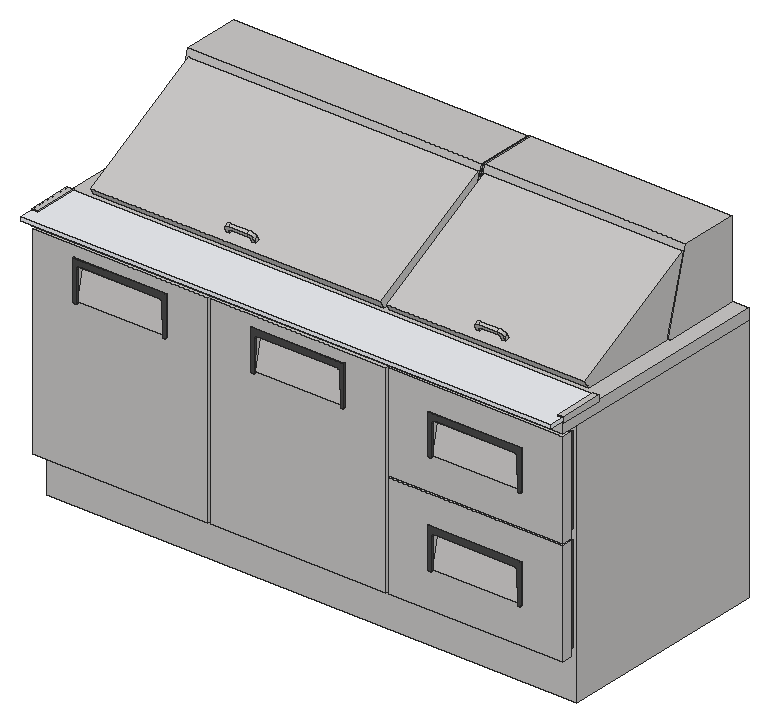
Revit family "QF_TRUE_TFP-72-30M-D-2", category Specialty Equipment, Revit 2012
Parameters
  Weight in Pounds = 0
  Watts = 0 W
  Volts = 115 V
  URL Cutsheet = "www.truemfg.com"
  URL = "www.truemfg.com"
  Type Mark [instance] = ""
  Status [instance] = ""
  Specification by User [instance] = ""
  Specification by Manufacturer = ""
  Show Clearance [instance] = yes
  Serial Number = ""
  Seismic Rating = ""
  SMACNA No = ""
  Revision Code [instance] = ""
  Phase = 1
  Omniclass Number and Title = ""
  Number of Poles [instance] = 1
  NAFEM Spec ID Number = ""
  Model = "TFP-72-30M-D-2"
  Min Ckt Ampacity = 0 A
  Max Overcurrent Protection = 0 A
  Masterspec = ""
  Manufacturer = "TRUE"
  Item Number [instance] = ""
  Installed By [instance] = ""
  Identify Quantity as Lot [instance] = yes
  HP = "1/3"
  Furnished By [instance] = ""
  Foodservice Equipment Identifier [instance] = yes
  FL Amps = 5.1 A
  Electrical Remarks [instance] = ""
  Electric Connection Type [instance] = ""
  Elec Conn RI Height [instance] = 0"
  Elec Conn Connection Height [instance] = 0"
  Description = "FOOD PREP TABLE: DOOR AND DRAWERED FOOD PREP UNIT"
  Cycle = 60 Hz
  Conn Plug = "NEMA 5-15P"
  Conn Conduit = yes
  CSI MasterFormat = ""
  CSI Master Format = ""
  Apparent Power = if(Phase = 3, Volts * FL Amps * 1.73, Volts * FL Amps)  # 586.5 VA
Reference planes (in)
  plane 1 "BACK": y = 0
  plane 2: z = 0
  plane 3 "LEFT": x = 0
  plane 4 "RIGHT": x = 72.125
  plane 5 "FRONT": y = -33.53125
  plane 6 "TOP": z = 46.5
  plane 7 "Center Y": x = 36.0625
  plane 8 "Center X": y = -16.76562
  plane 9 "BASE": z = 0.75
  plane 10: z = 36
  plane 11: y = -31.5
  plane 12: y = -10.6875
  plane 13: y = -7.84375
  plane 14: x = 69.92188
  plane 15: x = 2.20313
  plane 16: z = 27.18596
  plane 17: z = 36.51375
  plane 18: y = -55.875
  plane 19: x = 42.42188
  plane 20: x = 42.17188
  plane 21: x = 3.9375
  plane 22: x = 48.25
  plane 23: x = 60.23438
  plane 24: y = -53.96875
Forms (in)
  Extrusion 1, solid, material "QF_Finishes_Stainless Steel"
    sketch origin (0, 0, 0) x (0, 1, 0) y (0, 0, 1)
      loop
        line (0, 0.75) -> (0, 34.46) -> (-29.085, 34.46) -> (-29.085, 0.75) -> (0, 0.75)
      loop
        line (0, 36) -> (-31.5, 36) -> (-31.5, 34.5) -> (0, 34.5) -> (0, 36)
    from 0 to 72.125
  Extrusion 2, solid, material "QF_Finishes_Stainless Steel"
    sketch origin (0, -29.085, 0.75) x (0, 0, 1) y (-1, 0, 0)
      loop
        line (33.42, -48.40625) -> (20.38651, -48.40625) -> (20.38651, -72.0625) -> (33.42, -72.0625) -> (33.42, -48.40625)
      loop
        line (20.13651, -48.40625) -> (5.9891, -48.40625) -> (5.9891, -72.0625) -> (20.13651, -72.0625) -> (20.13651, -48.40625)
      loop
        line (5.9891, -48.09375) -> (33.42, -48.09375) -> (33.42, -24.23438) -> (5.9891, -24.23438) -> (5.9891, -48.09375)
      loop
        line (33.42, -0.0625) -> (5.9891, -0.0625) -> (5.9891, -23.92188) -> (33.42, -23.92188) -> (33.42, -0.0625)
    from 1 to 2.415
  Extrusion 3, solid, material "QF_Finishes_Black"
    sketch origin (0, -29.085, 0.75) x (0, 0, 1) y (-1, 0, 0)
      loop
        line (32.92, -0.5625) -> (6.4891, -0.5625) -> (6.4891, -23.42188) -> (32.92, -23.42188) -> (32.92, -0.5625)
      loop
        line (32.92, -48.90625) -> (20.88651, -48.90625) -> (20.88651, -71.5625) -> (32.92, -71.5625) -> (32.92, -48.90625)
      loop
        line (19.63651, -48.90625) -> (6.4891, -48.90625) -> (6.4891, -71.5625) -> (19.63651, -71.5625) -> (19.63651, -48.90625)
      loop
        line (32.92, -24.73438) -> (6.4891, -24.73438) -> (6.4891, -47.59375) -> (32.92, -47.59375) -> (32.92, -24.73438)
    from 0 to 1
  Extrusion 4, solid, material "QF_Finishes_Black"
    sketch origin (0, -31.5, 0.75) x (0, 0, 1) y (-1, 0, 0)
      loop
        line (30.13376, -53.88571) -> (24.79951, -53.88571)
        spline (24.79951, -53.88571) -> (24.7729, -53.89331) -> (24.74738, -53.90382) -> (24.72325, -53.91709) -> (24.7008, -53.93298) -> (24.68031, -53.9513) -> (24.66202, -53.97181) -> (24.64615, -53.99427) -> (24.6329, -54.01842) -> (24.62242, -54.04395) -> (24.61485, -54.07057) -> (24.61027, -54.09794) -> (24.60873, -54.12574)
        line (24.60873, -54.12574) -> (24.60873, -54.29107)
        spline (24.60873, -54.29107) -> (24.6095, -54.30269) -> (24.61178, -54.31412) -> (24.61554, -54.32516) -> (24.62072, -54.33563) -> (24.62722, -54.34536) -> (24.63495, -54.35418) -> (24.64376, -54.36194) -> (24.65352, -54.36852) -> (24.66406, -54.3738) -> (24.67521, -54.3777) -> (24.68677, -54.38015) -> (24.69855, -54.38111)
        line (24.69855, -54.38111) -> (28.92773, -54.45508)
        arc (28.92773, -54.45508) -> (29.1666, -54.55807) -> (29.26499, -54.79887) r 0.34385
        line (29.26499, -54.79887) -> (29.26499, -65.66988)
        arc (29.26499, -65.66988) -> (29.1666, -65.91068) -> (28.92773, -66.01367) r 0.34385
        line (28.92773, -66.01367) -> (24.69855, -66.08765)
        spline (24.69855, -66.08765) -> (24.68677, -66.08861) -> (24.67521, -66.09106) -> (24.66406, -66.09495) -> (24.65352, -66.10024) -> (24.64376, -66.10681) -> (24.63495, -66.11458) -> (24.62722, -66.1234) -> (24.62072, -66.13312) -> (24.61554, -66.14359) -> (24.61178, -66.15464) -> (24.6095, -66.16606) -> (24.60873, -66.17768)
        line (24.60873, -66.17768) -> (24.60873, -66.34301)
        spline (24.60873, -66.34301) -> (24.61027, -66.37082) -> (24.61485, -66.39819) -> (24.62242, -66.4248) -> (24.6329, -66.45034) -> (24.64615, -66.47448) -> (24.66202, -66.49695) -> (24.68031, -66.51746) -> (24.7008, -66.53577) -> (24.72325, -66.55166) -> (24.74738, -66.56494) -> (24.7729, -66.57544) -> (24.79951, -66.58304)
        line (24.79951, -66.58304) -> (30.13376, -66.58304) -> (30.13376, -53.88571)
      loop
        line (16.29154, -53.88571) -> (10.95729, -53.88571)
        spline (10.95729, -53.88571) -> (10.93068, -53.89331) -> (10.90516, -53.90382) -> (10.88103, -53.91709) -> (10.85858, -53.93298) -> (10.83809, -53.9513) -> (10.8198, -53.97181) -> (10.80393, -53.99427) -> (10.79068, -54.01842) -> (10.78021, -54.04395) -> (10.77263, -54.07057) -> (10.76805, -54.09794) -> (10.76651, -54.12574)
        line (10.76651, -54.12574) -> (10.76651, -54.29107)
        spline (10.76651, -54.29107) -> (10.76728, -54.30269) -> (10.76956, -54.31412) -> (10.77332, -54.32516) -> (10.7785, -54.33563) -> (10.785, -54.34536) -> (10.79273, -54.35418) -> (10.80155, -54.36194) -> (10.81131, -54.36852) -> (10.82184, -54.3738) -> (10.83299, -54.3777) -> (10.84455, -54.38015) -> (10.85633, -54.38111)
        line (10.85633, -54.38111) -> (15.08551, -54.45508)
        arc (15.08551, -54.45508) -> (15.32438, -54.55807) -> (15.42277, -54.79887) r 0.34385
        line (15.42277, -54.79887) -> (15.42277, -65.66988)
        arc (15.42277, -65.66988) -> (15.32438, -65.91068) -> (15.08551, -66.01367) r 0.34385
        line (15.08551, -66.01367) -> (10.85633, -66.08765)
        spline (10.85633, -66.08765) -> (10.84455, -66.08861) -> (10.83299, -66.09106) -> (10.82184, -66.09495) -> (10.81131, -66.10024) -> (10.80155, -66.10681) -> (10.79273, -66.11458) -> (10.785, -66.1234) -> (10.7785, -66.13312) -> (10.77332, -66.14359) -> (10.76956, -66.15464) -> (10.76728, -66.16606) -> (10.76651, -66.17768)
        line (10.76651, -66.17768) -> (10.76651, -66.34301)
        spline (10.76651, -66.34301) -> (10.76805, -66.37082) -> (10.77263, -66.39819) -> (10.78021, -66.4248) -> (10.79068, -66.45034) -> (10.80393, -66.47448) -> (10.8198, -66.49695) -> (10.83809, -66.51746) -> (10.85858, -66.53577) -> (10.88103, -66.55166) -> (10.90516, -66.56494) -> (10.93068, -66.57544) -> (10.95729, -66.58304)
        line (10.95729, -66.58304) -> (16.29154, -66.58304) -> (16.29154, -53.88571)
      loop
        line (31.96099, -5.64352) -> (26.62674, -5.64352)
        spline (26.62674, -5.64352) -> (26.60013, -5.65113) -> (26.57461, -5.66163) -> (26.55048, -5.67491) -> (26.52803, -5.6908) -> (26.50754, -5.70911) -> (26.48925, -5.72962) -> (26.47338, -5.75208) -> (26.46013, -5.77623) -> (26.44966, -5.80176) -> (26.44208, -5.82838) -> (26.4375, -5.85575) -> (26.43596, -5.88355)
        line (26.43596, -5.88355) -> (26.43596, -6.04888)
        spline (26.43596, -6.04888) -> (26.43673, -6.0605) -> (26.43901, -6.07193) -> (26.44277, -6.08297) -> (26.44795, -6.09344) -> (26.45445, -6.10317) -> (26.46218, -6.11199) -> (26.471, -6.11975) -> (26.48075, -6.12633) -> (26.49129, -6.13161) -> (26.50244, -6.13551) -> (26.514, -6.13796) -> (26.52578, -6.13892)
        line (26.52578, -6.13892) -> (30.75496, -6.2129)
        arc (30.75496, -6.2129) -> (30.99383, -6.31588) -> (31.09222, -6.55668) r 0.34385
        line (31.09222, -6.55668) -> (31.09222, -17.4277)
        arc (31.09222, -17.4277) -> (30.99383, -17.66849) -> (30.75496, -17.77148) r 0.34385
        line (30.75496, -17.77148) -> (26.52578, -17.84546)
        spline (26.52578, -17.84546) -> (26.514, -17.84642) -> (26.50244, -17.84887) -> (26.49129, -17.85277) -> (26.48075, -17.85805) -> (26.471, -17.86463) -> (26.46218, -17.87239) -> (26.45445, -17.88121) -> (26.44795, -17.89093) -> (26.44277, -17.90141) -> (26.43901, -17.91245) -> (26.43673, -17.92387) -> (26.43596, -17.93549)
        line (26.43596, -17.93549) -> (26.43596, -18.10082)
        spline (26.43596, -18.10082) -> (26.4375, -18.12863) -> (26.44208, -18.156) -> (26.44966, -18.18262) -> (26.46013, -18.20815) -> (26.47338, -18.23229) -> (26.48925, -18.25476) -> (26.50754, -18.27527) -> (26.52803, -18.29358) -> (26.55048, -18.30947) -> (26.57461, -18.32275) -> (26.60013, -18.33325) -> (26.62674, -18.34085)
        line (26.62674, -18.34085) -> (31.96099, -18.34085) -> (31.96099, -5.64352)
      loop
        line (31.96099, -29.8154) -> (26.62674, -29.8154)
        spline (26.62674, -29.8154) -> (26.60013, -29.823) -> (26.57461, -29.8335) -> (26.55048, -29.84678) -> (26.52803, -29.86267) -> (26.50754, -29.88098) -> (26.48925, -29.9015) -> (26.47338, -29.92396) -> (26.46013, -29.9481) -> (26.44966, -29.97364) -> (26.44208, -30.00025) -> (26.4375, -30.02763) -> (26.43596, -30.05543)
        line (26.43596, -30.05543) -> (26.43596, -30.22076)
        spline (26.43596, -30.22076) -> (26.43673, -30.23238) -> (26.43901, -30.24381) -> (26.44277, -30.25485) -> (26.44795, -30.26532) -> (26.45445, -30.27505) -> (26.46218, -30.28386) -> (26.471, -30.29163) -> (26.48075, -30.2982) -> (26.49129, -30.30349) -> (26.50244, -30.30739) -> (26.514, -30.30983) -> (26.52578, -30.31079)
        line (26.52578, -30.31079) -> (30.75496, -30.38477)
        arc (30.75496, -30.38477) -> (30.99383, -30.48776) -> (31.09222, -30.72856) r 0.34385
        line (31.09222, -30.72856) -> (31.09222, -41.59957)
        arc (31.09222, -41.59957) -> (30.99383, -41.84037) -> (30.75496, -41.94336) r 0.34385
        line (30.75496, -41.94336) -> (26.52578, -42.01733)
        spline (26.52578, -42.01733) -> (26.514, -42.01829) -> (26.50244, -42.02074) -> (26.49129, -42.02464) -> (26.48075, -42.02992) -> (26.471, -42.0365) -> (26.46218, -42.04426) -> (26.45445, -42.05308) -> (26.44795, -42.06281) -> (26.44277, -42.07328) -> (26.43901, -42.08432) -> (26.43673, -42.09575) -> (26.43596, -42.10737)
        line (26.43596, -42.10737) -> (26.43596, -42.2727)
        spline (26.43596, -42.2727) -> (26.4375, -42.3005) -> (26.44208, -42.32788) -> (26.44966, -42.35449) -> (26.46013, -42.38002) -> (26.47338, -42.40417) -> (26.48925, -42.42663) -> (26.50754, -42.44714) -> (26.52803, -42.46546) -> (26.55048, -42.48135) -> (26.57461, -42.49462) -> (26.60013, -42.50513) -> (26.62674, -42.51273)
        line (26.62674, -42.51273) -> (31.96099, -42.51273) -> (31.96099, -29.8154)
    from 0 to 0.125
  Extrusion 5, void
    sketch origin (0, 0, 0) x (0, 1, 0) y (0, 0, 1)
      loop
        line (-31.5, 31.84222) -> (-31.5, 27.37674) -> (-30.5, 31.84222) -> (-31.5, 31.84222)
    from 6.09501 to 17.87859
  Extrusion 6, void
    sketch origin (0, 0, -15.66945) x (0, 1, 0) y (0, 0, 1)
      loop
        line (-31.5, 31.84222) -> (-31.5, 27.37674) -> (-30.5, 31.84222) -> (-31.5, 31.84222)
      loop
        line (-31.5, 45.68444) -> (-31.5, 41.21896) -> (-30.5, 45.68444) -> (-31.5, 45.68444)
    from 54.33236 to 66.15598
  Extrusion 7, solid, material "QF_Finishes_Stainless Steel"
    sketch origin (2.20313, 7.41441, 48) x (0, 1, 0) y (0, 0, -1)
      loop
        line (-15.20428, 1.5) -> (-7.41441, 1.5) -> (-7.41441, 12) -> (-17.88334, 12)
        arc (-17.88334, 12) -> (-18.083, 11.90045) -> (-18.12366, 11.68109) r 0.25
        line (-18.12366, 11.68109) -> (-15.20428, 1.5)
    from 0 to -39.96875
  Extrusion 8, solid, material "QF_Finishes_Stainless Steel"
    sketch origin (2.20313, 7.41441, 48) x (0, 1, 0) y (0, 0, -1)
      loop
        line (-32.04884, 11.07186) -> (-15.44857, 2.35196) -> (-18.12366, 11.68109)
        arc (-18.12366, 11.68109) -> (-18.083, 11.90045) -> (-17.88334, 12) r 0.25
        line (-17.88334, 12) -> (-31.51878, 12) -> (-32.04884, 11.07186)
    from -39.71875 to -0.25
  Extrusion 9, solid, material "QF_Finishes_Stainless Steel"
    sketch origin (-4.00862, -31.5, 48) x (-1, 0, 0) y (0, 0, 1)
      loop
        line (-75.43327, -11.48625) -> (-75.43327, -11.39262) -> (-76.19562, -11.39262) -> (-76.19562, -12.13881) -> (-76.13362, -12.13881) -> (-76.13362, -11.48625) -> (-75.43327, -11.48625)
      loop
        line (-4.80067, -11.48625) -> (-4.00862, -11.48625) -> (-4.00862, -12.13881) -> (-3.94662, -12.13881) -> (-3.94662, -11.39262) -> (-4.80067, -11.39262) -> (-4.80067, -11.48625)
    from 0 to 6
  Extrusion 10, solid, material "QF_Finishes_White"
    sketch origin (0, 0, 0) x (0, 1, 0) y (0, 0, 1)
      loop
        line (-33.53125, 36) -> (-25.5, 36) -> (-25.5, 36.51375) -> (-33.53125, 36.51375) -> (-33.53125, 36)
    from 0 to 72.125
  Extrusion 11, solid, material "QF_Door-Drawer Clearances", visible <- "Show Clearance", detail levels coarse
    sketch origin (0, -31.5, 0.75) x (0, 0, 1) y (-1, 0, 0)
      loop
        line (33.42, -48.40625) -> (5.9891, -48.40625) -> (5.9891, -72.0625) -> (33.42, -72.0625) -> (33.42, -48.40625)
    from 0 to 24.375
  Extrusion 12, solid, material "QF_Door-Drawer Clearances", visible <- "Show Clearance", detail levels coarse
    sketch origin (39.90625, -29.085, 6.7391) x (0, 1, 0) y (1, 0, 0)
      loop
        line (-2.415, -39.84375) -> (-2.415, -15.98437)
        arc (-2.415, -15.98437) -> (-18.3747, -23.46415) -> (-24.88375, -39.84375) r 23.93075
        line (-24.88375, -39.84375) -> (-2.415, -39.84375)
      loop
        line (-2.415, -15.67187) -> (-2.415, 8.1875)
        arc (-2.415, 8.1875) -> (-18.3747, 0.70772) -> (-24.88375, -15.67187) r 23.93075
        line (-24.88375, -15.67187) -> (-2.415, -15.67187)
    from -27.4309 to 0
  Extrusion 13, solid, material "QF_Finishes_Stainless Steel"
    sketch origin (0, 0, 1) x (0, 0, -1) y (-1, 0, 0)
      loop
        circle (-3.28427, -68.27646) r 0.5
    from 0 to 0.25
  Extrusion 14, solid, material "QF_Finishes_Stainless Steel"
    sketch origin (61.875, 7.41441, 48) x (0, 1, 0) y (0, 0, 1)
      loop
        line (-15.20428, -1.5) -> (-18.12366, -11.68109)
        arc (-18.12366, -11.68109) -> (-18.083, -11.90045) -> (-17.88334, -12) r 0.25
        line (-17.88334, -12) -> (-7.41441, -12) -> (-7.41441, -1.5) -> (-15.20428, -1.5)
    from 8.04688 to -19.45312
  Extrusion 15, solid, material "QF_Finishes_Stainless Steel"
    sketch origin (61.875, 7.41441, 48) x (0, 1, 0) y (0, 0, 1)
      loop
        line (-32.04884, -11.07186) -> (-31.51878, -12) -> (-17.88334, -12)
        arc (-17.88334, -12) -> (-18.083, -11.90045) -> (-18.12366, -11.68109) r 0.25
        line (-18.12366, -11.68109) -> (-15.44857, -2.35196) -> (-32.04884, -11.07186)
    from -19.20312 to 7.79688
  Extrusion 16, solid, material "QF_Finishes_Stainless Steel"
    sketch origin (42.17188, 5.02547, 48) x (0, 1, 0) y (0, 0, 1)
      loop
        line (-12.81534, -1.5) -> (-15.73472, -11.68109)
        arc (-15.73472, -11.68109) -> (-15.69407, -11.90045) -> (-15.49441, -12) r 0.25
        line (-15.49441, -12) -> (-5.02547, -12) -> (-5.02547, -1.5) -> (-12.81534, -1.5)
    from 0 to 0.25
  Extrusion 17, solid, material "QF_Finishes_Black"
    sketch origin (-0.08352, 0, 0) x (0, 1, 0) y (0, 0, 1)
      loop
        arc (-25.55411, 0.75) -> (-24.36826, 0) -> (-23.1824, 0.75) r 1.3125
        line (-23.1824, 0.75) -> (-25.55411, 0.75)
      loop
        line (-1.30815, 0.75) -> (-3.67985, 0.75)
        arc (-3.67985, 0.75) -> (-2.494, 0) -> (-1.30815, 0.75) r 1.3125
    from 3.15902 to 4.88302
  Extrusion 18, solid, material "QF_Finishes_Black"
    sketch origin (28.35398, 0, 0) x (0, 1, 0) y (0, 0, 1)
      loop
        arc (-25.55411, 0.75) -> (-24.36826, 0) -> (-23.1824, 0.75) r 1.3125
        line (-23.1824, 0.75) -> (-25.55411, 0.75)
      loop
        line (-1.30815, 0.75) -> (-3.67985, 0.75)
        arc (-3.67985, 0.75) -> (-2.494, 0) -> (-1.30815, 0.75) r 1.3125
    from 3.15902 to 4.88302
  Extrusion 19, solid, material "QF_Finishes_Black"
    sketch origin (72.20852, 0, 0) x (0, 1, 0) y (0, 0, -1)
      loop
        line (-25.55411, -0.75) -> (-23.1824, -0.75)
        arc (-23.1824, -0.75) -> (-24.36826, 0) -> (-25.55411, -0.75) r 1.3125
      loop
        arc (-1.30815, -0.75) -> (-2.494, 0) -> (-3.67985, -0.75) r 1.3125
        line (-3.67985, -0.75) -> (-1.30815, -0.75)
    from 3.15902 to 4.88302
  Extrusion 20, solid, material "QF_Finishes_Black"
    sketch origin (43.77102, 0, 0) x (0, 1, 0) y (0, 0, -1)
      loop
        line (-25.55411, -0.75) -> (-23.1824, -0.75)
        arc (-23.1824, -0.75) -> (-24.36826, 0) -> (-25.55411, -0.75) r 1.3125
      loop
        arc (-1.30815, -0.75) -> (-2.494, 0) -> (-3.67985, -0.75) r 1.3125
        line (-3.67985, -0.75) -> (-1.30815, -0.75)
    from 3.15902 to 4.88302
  Extrusion 21, solid, material "QF_Finishes_Stainless Steel"
    sketch origin (20.10937, -2.20491, -2.8829) x (0, -0.461189, 0.887302) y (-1, 0, 0)
      loop
        line (47, -37.3125) -> (47, -34.8125)
        arc (47, -34.8125) -> (46.78033, -34.28217) -> (46.25, -34.0625) r 0.75
        line (46.25, -34.0625) -> (45.75, -34.0625) -> (45.75, -34.5625) -> (46.25, -34.5625)
        arc (46.25, -34.5625) -> (46.42678, -34.63572) -> (46.5, -34.8125) r 0.25
        line (46.5, -34.8125) -> (46.5, -37.3125)
        arc (46.5, -37.3125) -> (46.42678, -37.48928) -> (46.25, -37.5625) r 0.25
        line (46.25, -37.5625) -> (45.75, -37.5625) -> (45.75, -38.0625) -> (46.25, -38.0625)
        arc (46.25, -38.0625) -> (46.78033, -37.84283) -> (47, -37.3125) r 0.75
    from 0 to 0.5
  Extrusion 22, solid, material "QF_Finishes_Stainless Steel"
    sketch origin (50.25, -2.20491, -2.8829) x (0, -0.461189, 0.887302) y (-1, 0, 0)
      loop
        arc (47, 29.3125) -> (46.78033, 29.84283) -> (46.25, 30.0625) r 0.75
        line (46.25, 30.0625) -> (45.75, 30.0625) -> (45.75, 29.5625) -> (46.25, 29.5625)
        arc (46.25, 29.5625) -> (46.42678, 29.48928) -> (46.5, 29.3125) r 0.25
        line (46.5, 29.3125) -> (46.5, 26.8125)
        arc (46.5, 26.8125) -> (46.42678, 26.63572) -> (46.25, 26.5625) r 0.25
        line (46.25, 26.5625) -> (45.75, 26.5625) -> (45.75, 26.0625) -> (46.25, 26.0625)
        arc (46.25, 26.0625) -> (46.78033, 26.28217) -> (47, 26.8125) r 0.75
        line (47, 26.8125) -> (47, 29.3125)
    from 0 to 0.5
  Extrusion 23, void
    sketch origin (24.0757, 0, 0) x (0, 1, 0) y (0, 0, 1)
      loop
        line (-31.5, 31.84222) -> (-31.5, 27.37674) -> (-30.5, 31.84222) -> (-31.5, 31.84222)
    from 6.20324 to 17.9868
Cuts and joins
  Extrusion 5, Extrusion 6, Extrusion 23 cuts Extrusion 2
  Extrusion 6, Extrusion 23 cuts Extrusion 4
  Extrusion 23 cuts Extrusion 12
Lines and regions (in)
  Split face 1
    outline origin (0, -29.085, 0.75) x (0, 0, 1) y (-1, 0, 0)
      loop
        line (5.72413, -1.9375) -> (1.47413, -1.9375) -> (1.47413, -3.1875) -> (5.72413, -3.1875) -> (5.72413, -1.9375)
  Split face 2
    outline origin (1.5, -29.085, 0.75) x (0, 0, 1) y (-1, 0, 0)
      loop
        line (5.72413, -1.9375) -> (1.47413, -1.9375) -> (1.47413, -3.1875) -> (5.72413, -3.1875) -> (5.72413, -1.9375)
  Split face 3
    outline origin (3, -29.085, 0.75) x (0, 0, 1) y (-1, 0, 0)
      loop
        line (5.72413, -1.9375) -> (1.47413, -1.9375) -> (1.47413, -3.1875) -> (5.72413, -3.1875) -> (5.72413, -1.9375)
  Split face 4
    outline origin (4.5, -29.085, 0.75) x (0, 0, 1) y (-1, 0, 0)
      loop
        line (5.72413, -1.9375) -> (1.47413, -1.9375) -> (1.47413, -3.1875) -> (5.72413, -3.1875) -> (5.72413, -1.9375)
  Split face 5
    outline origin (6, -29.085, 0.75) x (0, 0, 1) y (-1, 0, 0)
      loop
        line (5.72413, -1.9375) -> (1.47413, -1.9375) -> (1.47413, -3.1875) -> (5.72413, -3.1875) -> (5.72413, -1.9375)
  Split face 6
    outline origin (7.5, -29.085, 0.75) x (0, 0, 1) y (-1, 0, 0)
      loop
        line (5.72413, -1.9375) -> (1.47413, -1.9375) -> (1.47413, -3.1875) -> (5.72413, -3.1875) -> (5.72413, -1.9375)
  Split face 7
    outline origin (9, -29.085, 0.75) x (0, 0, 1) y (-1, 0, 0)
      loop
        line (5.72413, -1.9375) -> (1.47413, -1.9375) -> (1.47413, -3.1875) -> (5.72413, -3.1875) -> (5.72413, -1.9375)
  Split face 8
    outline origin (10.5, -29.085, 0.75) x (0, 0, 1) y (-1, 0, 0)
      loop
        line (5.72413, -1.9375) -> (1.47413, -1.9375) -> (1.47413, -3.1875) -> (5.72413, -3.1875) -> (5.72413, -1.9375)
  Split face 9
    outline origin (12, -29.085, 0.75) x (0, 0, 1) y (-1, 0, 0)
      loop
        line (5.72413, -1.9375) -> (1.47413, -1.9375) -> (1.47413, -3.1875) -> (5.72413, -3.1875) -> (5.72413, -1.9375)
  Split face 10
    outline origin (13.5, -29.085, 0.75) x (0, 0, 1) y (-1, 0, 0)
      loop
        line (5.72413, -1.9375) -> (1.47413, -1.9375) -> (1.47413, -3.1875) -> (5.72413, -3.1875) -> (5.72413, -1.9375)
  Split face 11
    outline origin (15, -29.085, 0.75) x (0, 0, 1) y (-1, 0, 0)
      loop
        line (5.72413, -1.9375) -> (1.47413, -1.9375) -> (1.47413, -3.1875) -> (5.72413, -3.1875) -> (5.72413, -1.9375)
  Split face 12
    outline origin (16.5, -29.085, 0.75) x (0, 0, 1) y (-1, 0, 0)
      loop
        line (5.72413, -1.9375) -> (1.47413, -1.9375) -> (1.47413, -3.1875) -> (5.72413, -3.1875) -> (5.72413, -1.9375)
  Split face 13
    outline origin (48.125, -29.085, 0.75) x (0, 0, 1) y (-1, 0, 0)
      loop
        line (5.72413, -22.0625) -> (5.72413, -20.8125) -> (1.47413, -20.8125) -> (1.47413, -22.0625) -> (5.72413, -22.0625)
  Split face 14
    outline origin (49.625, -29.085, 0.75) x (0, 0, 1) y (-1, 0, 0)
      loop
        line (5.72413, -19.0625) -> (5.72413, -17.8125) -> (1.47413, -17.8125) -> (1.47413, -19.0625) -> (5.72413, -19.0625)
  Split face 15
    outline origin (51.125, -29.085, 0.75) x (0, 0, 1) y (-1, 0, 0)
      loop
        line (5.72413, -16.0625) -> (5.72413, -14.8125) -> (1.47413, -14.8125) -> (1.47413, -16.0625) -> (5.72413, -16.0625)
  Split face 16
    outline origin (52.625, -29.085, 0.75) x (0, 0, 1) y (-1, 0, 0)
      loop
        line (5.72413, -13.0625) -> (5.72413, -11.8125) -> (1.47413, -11.8125) -> (1.47413, -13.0625) -> (5.72413, -13.0625)
  Split face 17
    outline origin (54.125, -29.085, 0.75) x (0, 0, 1) y (-1, 0, 0)
      loop
        line (5.72413, -10.0625) -> (5.72413, -8.8125) -> (1.47413, -8.8125) -> (1.47413, -10.0625) -> (5.72413, -10.0625)
  Split face 18
    outline origin (55.625, -29.085, 0.75) x (0, 0, 1) y (-1, 0, 0)
      loop
        line (5.72413, -7.0625) -> (5.72413, -5.8125) -> (1.47413, -5.8125) -> (1.47413, -7.0625) -> (5.72413, -7.0625)
  Split face 19
    outline origin (57.125, -29.085, 0.75) x (0, 0, 1) y (-1, 0, 0)
      loop
        line (5.72413, -4.0625) -> (5.72413, -2.8125) -> (1.47413, -2.8125) -> (1.47413, -4.0625) -> (5.72413, -4.0625)
  Split face 20
    outline origin (58.625, -29.085, 0.75) x (0, 0, 1) y (-1, 0, 0)
      loop
        line (5.72413, -1.0625) -> (5.72413, 0.1875) -> (1.47413, 0.1875) -> (1.47413, -1.0625) -> (5.72413, -1.0625)
  Split face 21
    outline origin (60.125, -29.085, 0.75) x (0, 0, 1) y (-1, 0, 0)
      loop
        line (5.72413, 1.9375) -> (5.72413, 3.1875) -> (1.47413, 3.1875) -> (1.47413, 1.9375) -> (5.72413, 1.9375)
  Split face 22
    outline origin (61.625, -29.085, 0.75) x (0, 0, 1) y (-1, 0, 0)
      loop
        line (5.72413, 4.9375) -> (5.72413, 6.1875) -> (1.47413, 6.1875) -> (1.47413, 4.9375) -> (5.72413, 4.9375)
  Split face 23
    outline origin (63.125, -29.085, 0.75) x (0, 0, 1) y (-1, 0, 0)
      loop
        line (5.72413, 7.9375) -> (5.72413, 9.1875) -> (1.47413, 9.1875) -> (1.47413, 7.9375) -> (5.72413, 7.9375)
  Split face 24
    outline origin (64.625, -29.085, 0.75) x (0, 0, 1) y (-1, 0, 0)
      loop
        line (5.72413, 10.9375) -> (5.72413, 12.1875) -> (1.47413, 12.1875) -> (1.47413, 10.9375) -> (5.72413, 10.9375)
  Split face 25
    outline origin (22, -29.085, 0.75) x (0, 0, 1) y (-1, 0, 0)
      loop
        line (5.72413, -1.9375) -> (1.47413, -1.9375) -> (1.47413, -3.1875) -> (5.72413, -3.1875) -> (5.72413, -1.9375)
  Split face 26
    outline origin (23.5, -29.085, 0.75) x (0, 0, 1) y (-1, 0, 0)
      loop
        line (5.72413, -1.9375) -> (1.47413, -1.9375) -> (1.47413, -3.1875) -> (5.72413, -3.1875) -> (5.72413, -1.9375)
  Split face 27
    outline origin (25, -29.085, 0.75) x (0, 0, 1) y (-1, 0, 0)
      loop
        line (5.72413, -1.9375) -> (1.47413, -1.9375) -> (1.47413, -3.1875) -> (5.72413, -3.1875) -> (5.72413, -1.9375)
  Split face 28
    outline origin (26.5, -29.085, 0.75) x (0, 0, 1) y (-1, 0, 0)
      loop
        line (5.72413, -1.9375) -> (1.47413, -1.9375) -> (1.47413, -3.1875) -> (5.72413, -3.1875) -> (5.72413, -1.9375)
  Split face 29
    outline origin (28, -29.085, 0.75) x (0, 0, 1) y (-1, 0, 0)
      loop
        line (5.72413, -1.9375) -> (1.47413, -1.9375) -> (1.47413, -3.1875) -> (5.72413, -3.1875) -> (5.72413, -1.9375)
  Split face 30
    outline origin (29.5, -29.085, 0.75) x (0, 0, 1) y (-1, 0, 0)
      loop
        line (5.72413, -9.9375) -> (1.47413, -9.9375) -> (1.47413, -11.1875) -> (5.72413, -11.1875) -> (5.72413, -9.9375)
  Split face 31
    outline origin (31, -29.085, 0.75) x (0, 0, 1) y (-1, 0, 0)
      loop
        line (5.72413, -9.9375) -> (1.47413, -9.9375) -> (1.47413, -11.1875) -> (5.72413, -11.1875) -> (5.72413, -9.9375)
  Split face 32
    outline origin (32.5, -29.085, 0.75) x (0, 0, 1) y (-1, 0, 0)
      loop
        line (5.72413, -9.9375) -> (1.47413, -9.9375) -> (1.47413, -11.1875) -> (5.72413, -11.1875) -> (5.72413, -9.9375)
  Split face 33
    outline origin (34, -29.085, 0.75) x (0, 0, 1) y (-1, 0, 0)
      loop
        line (5.72413, -9.9375) -> (1.47413, -9.9375) -> (1.47413, -11.1875) -> (5.72413, -11.1875) -> (5.72413, -9.9375)
  Split face 34
    outline origin (35.5, -29.085, 0.75) x (0, 0, 1) y (-1, 0, 0)
      loop
        line (5.72413, -9.9375) -> (1.47413, -9.9375) -> (1.47413, -11.1875) -> (5.72413, -11.1875) -> (5.72413, -9.9375)
  Split face 35
    outline origin (37, -29.085, 0.75) x (0, 0, 1) y (-1, 0, 0)
      loop
        line (5.72413, -9.9375) -> (1.47413, -9.9375) -> (1.47413, -11.1875) -> (5.72413, -11.1875) -> (5.72413, -9.9375)
  Split face 36
    outline origin (25, -29.085, 0.75) x (0, 0, 1) y (-1, 0, 0)
      loop
        line (5.72413, -9.9375) -> (1.47413, -9.9375) -> (1.47413, -11.1875) -> (5.72413, -11.1875) -> (5.72413, -9.9375)
  Split face 37
    outline origin (26.5, -29.085, 0.75) x (0, 0, 1) y (-1, 0, 0)
      loop
        line (5.72413, -9.9375) -> (1.47413, -9.9375) -> (1.47413, -11.1875) -> (5.72413, -11.1875) -> (5.72413, -9.9375)
  Split face 38
    outline origin (28, -29.085, 0.75) x (0, 0, 1) y (-1, 0, 0)
      loop
        line (5.72413, -9.9375) -> (1.47413, -9.9375) -> (1.47413, -11.1875) -> (5.72413, -11.1875) -> (5.72413, -9.9375)
  symbolic lines, style "QF_Door-Drawer Clearances"
    curve 1: line (48.40625, -55.875, 0) -> (72.0625, -55.875, 0)
    curve 2: line (48.40625, -55.875, 0) -> (48.40625, -33.53125, 0)
    curve 3: line (72.0625, -55.875, 0) -> (72.0625, -33.53125, 0)
    curve 4: arc (23.71024, -33.53125, 0) -> (15.68377, -48.14388, 0) -> (0.0625, -53.96875, 0) r 23.93075
    curve 5: line (0.0625, -33.53125, 0) -> (0.0625, -53.96875, 0)
    curve 100: line (24.23438, -33.53125, 0) -> (24.23438, -53.96875, 0)
    curve 101: arc (47.88212, -33.53125, 0) -> (39.85565, -48.14388, 0) -> (24.23438, -53.96875, 0) r 23.93075
  symbolic lines
    curve 6: line (0, 0, 0) -> (72.125, 0, 0)
    curve 7: line (0, -25.5, 0) -> (0, 0, 0)
    curve 8: line (72.125, -25.5, 0) -> (0, -25.5, 0)
    curve 9: line (72.125, 0, 0) -> (72.125, -25.5, 0)
    curve 10: line (71.42465, -31.5, 0) -> (72.187, -31.5, 0)
    curve 11: line (71.42465, -25.5, 0) -> (71.42465, -31.5, 0)
    curve 12: line (72.187, -25.5, 0) -> (71.42465, -25.5, 0)
    curve 13: line (72.187, -31.5, 0) -> (72.187, -25.5, 0)
    curve 14: line (-0.062, -25.5, 0) -> (0.79205, -25.5, 0)
    curve 15: line (-0.062, -31.5, 0) -> (-0.062, -25.5, 0)
    curve 16: line (0.79205, -31.5, 0) -> (-0.062, -31.5, 0)
    curve 17: line (0.79205, -25.5, 0) -> (0.79205, -31.5, 0)
    curve 18: line (0, -31.5, 0) -> (0, -33.53125, 0)
    curve 19: line (0, -33.53125, 0) -> (72.0625, -33.53125, 0)
    curve 20: line (72.125, -33.53125, 0) -> (72.125, -31.5, 0)
    curve 21: line (2.45312, -8.03416, 0) -> (2.45312, -24.63443, 0)
    curve 22: line (2.45312, -24.63443, 0) -> (41.92187, -24.63443, 0)
    curve 23: line (69.67188, -24.63443, 0) -> (69.67188, -8.03416, 0)
    curve 24: line (69.92187, -10.71894, 0) -> (69.92187, 0, 0)
    curve 25: line (2.20313, 0, 0) -> (2.20313, -10.71894, 0)
    curve 26: line (2.20313, -10.71894, 0) -> (2.45312, -10.71894, 0)
    curve 27: line (69.92187, -10.71894, 0) -> (69.67188, -10.71894, 0)
    curve 28: line (69.67188, -8.03416, 0) -> (42.67187, -8.03416, 0)
    curve 29: line (2.20313, -7.78987, 0) -> (42.17187, -7.78987, 0)
    curve 30: line (42.17187, -10.71894, 0) -> (42.17187, 0, 0)
    curve 31: line (41.92187, -24.63443, 0) -> (41.92187, -8.03416, 0)
    curve 32: line (42.42188, 0, 0) -> (42.42188, -10.71894, 0)
    curve 33: line (42.67187, -8.03416, 0) -> (42.67187, -24.63443, 0)
    curve 34: line (42.42188, -7.78987, 0) -> (69.92187, -7.78987, 0)
    curve 35: line (41.92187, -8.03416, 0) -> (2.45312, -8.03416, 0)
    curve 36: line (41.92187, -10.71894, 0) -> (42.67187, -10.71894, 0)
    curve 37: line (42.67187, -24.63443, 0) -> (69.67188, -24.63443, 0)
    curve 70: spline (57.42188, -23.88077, 0) -> (57.51977, -23.87781, 0) -> (57.61599, -23.86898, 0) -> (57.70889, -23.85444, 0) -> (57.79688, -23.83443, 0) -> (57.87845, -23.80929, 0) -> (57.95221, -23.77946, 0) -> (58.01689, -23.74544, 0) -> (58.07139, -23.70782, 0) -> (58.11478, -23.66725, 0) -> (58.14632, -23.6244, 0) -> (58.16546, -23.58003, 0) -> (58.17187, -23.53488, 0)
    curve 71: line (54.92187, -23.88077, 0) -> (57.42188, -23.88077, 0)
    curve 72: spline (54.17187, -23.53488, 0) -> (54.17829, -23.58003, 0) -> (54.19743, -23.6244, 0) -> (54.22897, -23.66725, 0) -> (54.27236, -23.70782, 0) -> (54.32686, -23.74544, 0) -> (54.39154, -23.77946, 0) -> (54.4653, -23.80929, 0) -> (54.54687, -23.83443, 0) -> (54.63486, -23.85444, 0) -> (54.72776, -23.86898, 0) -> (54.82398, -23.87781, 0) -> (54.92187, -23.88077, 0)
    curve 73: line (54.67187, -23.30428, 0) -> (54.17187, -23.30428, 0)
    curve 74: line (58.17187, -23.30428, 0) -> (57.67188, -23.30428, 0)
    curve 75: line (57.42188, -23.65018, 0) -> (54.92187, -23.65018, 0)
    curve 76: spline (57.67188, -23.53488, 0) -> (57.66974, -23.54993, 0) -> (57.66336, -23.56472, 0) -> (57.65284, -23.579, 0) -> (57.63838, -23.59253, 0) -> (57.62021, -23.60507, 0) -> (57.59865, -23.61641, 0) -> (57.57407, -23.62635, 0) -> (57.54688, -23.63473, 0) -> (57.51755, -23.6414, 0) -> (57.48658, -23.64625, 0) -> (57.45451, -23.64919, 0) -> (57.42188, -23.65018, 0)
    curve 77: spline (54.92187, -23.65018, 0) -> (54.88924, -23.64919, 0) -> (54.85717, -23.64625, 0) -> (54.8262, -23.6414, 0) -> (54.79687, -23.63473, 0) -> (54.76968, -23.62635, 0) -> (54.7451, -23.61641, 0) -> (54.72354, -23.60507, 0) -> (54.70537, -23.59253, 0) -> (54.69091, -23.579, 0) -> (54.68039, -23.56472, 0) -> (54.67401, -23.54993, 0) -> (54.67187, -23.53488, 0)
    curve 78: line (54.67187, -23.53488, 0) -> (54.67187, -23.30428, 0)
    curve 79: line (57.67188, -23.30428, 0) -> (57.67188, -23.53488, 0)
    curve 80: line (58.17187, -23.97853, 0) -> (58.17187, -23.30428, 0)
    curve 81: line (57.42188, -24.32442, 0) -> (54.92187, -24.32442, 0)
    curve 82: spline (58.17187, -23.97853, 0) -> (58.16546, -24.02368, 0) -> (58.14632, -24.06805, 0) -> (58.11478, -24.1109, 0) -> (58.07139, -24.15148, 0) -> (58.01689, -24.18909, 0) -> (57.95221, -24.22311, 0) -> (57.87845, -24.25294, 0) -> (57.79688, -24.27808, 0) -> (57.70889, -24.29809, 0) -> (57.61599, -24.31263, 0) -> (57.51977, -24.32146, 0) -> (57.42188, -24.32442, 0)
    curve 83: spline (54.92187, -24.32442, 0) -> (54.82398, -24.32146, 0) -> (54.72776, -24.31263, 0) -> (54.63486, -24.29809, 0) -> (54.54687, -24.27808, 0) -> (54.4653, -24.25294, 0) -> (54.39154, -24.22311, 0) -> (54.32686, -24.18909, 0) -> (54.27236, -24.15148, 0) -> (54.22897, -24.1109, 0) -> (54.19743, -24.06805, 0) -> (54.17829, -24.02368, 0) -> (54.17187, -23.97853, 0)
    curve 84: line (54.17187, -23.30428, 0) -> (54.17187, -23.97853, 0)
    curve 85: spline (20.9375, -23.88077, 0) -> (20.83961, -23.87781, 0) -> (20.74339, -23.86898, 0) -> (20.65049, -23.85444, 0) -> (20.5625, -23.83443, 0) -> (20.48093, -23.80929, 0) -> (20.40717, -23.77946, 0) -> (20.34248, -23.74544, 0) -> (20.28798, -23.70782, 0) -> (20.24459, -23.66725, 0) -> (20.21306, -23.6244, 0) -> (20.19392, -23.58003, 0) -> (20.1875, -23.53488, 0)
    curve 86: line (23.4375, -23.88077, 0) -> (20.9375, -23.88077, 0)
    curve 87: spline (24.1875, -23.53488, 0) -> (24.18108, -23.58003, 0) -> (24.16194, -23.6244, 0) -> (24.13041, -23.66725, 0) -> (24.08702, -23.70782, 0) -> (24.03252, -23.74544, 0) -> (23.96783, -23.77946, 0) -> (23.89407, -23.80929, 0) -> (23.8125, -23.83443, 0) -> (23.72451, -23.85444, 0) -> (23.63161, -23.86898, 0) -> (23.53539, -23.87781, 0) -> (23.4375, -23.88077, 0)
    curve 88: line (23.6875, -23.30428, 0) -> (24.1875, -23.30428, 0)
    curve 89: line (20.1875, -23.30428, 0) -> (20.6875, -23.30428, 0)
    curve 90: line (20.9375, -23.65018, 0) -> (23.4375, -23.65018, 0)
    curve 91: spline (20.6875, -23.53488, 0) -> (20.68964, -23.54993, 0) -> (20.69602, -23.56472, 0) -> (20.70653, -23.579, 0) -> (20.72099, -23.59253, 0) -> (20.73916, -23.60507, 0) -> (20.76072, -23.61641, 0) -> (20.78531, -23.62635, 0) -> (20.8125, -23.63473, 0) -> (20.84183, -23.6414, 0) -> (20.8728, -23.64625, 0) -> (20.90487, -23.64919, 0) -> (20.9375, -23.65018, 0)
    curve 92: spline (23.4375, -23.65018, 0) -> (23.47013, -23.64919, 0) -> (23.5022, -23.64625, 0) -> (23.53317, -23.6414, 0) -> (23.5625, -23.63473, 0) -> (23.58969, -23.62635, 0) -> (23.61428, -23.61641, 0) -> (23.63584, -23.60507, 0) -> (23.65401, -23.59253, 0) -> (23.66847, -23.579, 0) -> (23.67898, -23.56472, 0) -> (23.68536, -23.54993, 0) -> (23.6875, -23.53488, 0)
    curve 93: line (23.6875, -23.53488, 0) -> (23.6875, -23.30428, 0)
    curve 94: line (20.6875, -23.30428, 0) -> (20.6875, -23.53488, 0)
    curve 95: line (20.1875, -23.97853, 0) -> (20.1875, -23.30428, 0)
    curve 96: line (20.9375, -24.32442, 0) -> (23.4375, -24.32442, 0)
    curve 97: spline (20.1875, -23.97853, 0) -> (20.19392, -24.02368, 0) -> (20.21306, -24.06805, 0) -> (20.24459, -24.1109, 0) -> (20.28798, -24.15148, 0) -> (20.34248, -24.18909, 0) -> (20.40717, -24.22311, 0) -> (20.48093, -24.25294, 0) -> (20.5625, -24.27808, 0) -> (20.65049, -24.29809, 0) -> (20.74339, -24.31263, 0) -> (20.83961, -24.32146, 0) -> (20.9375, -24.32442, 0)
    curve 98: spline (23.4375, -24.32442, 0) -> (23.53539, -24.32146, 0) -> (23.63161, -24.31263, 0) -> (23.72451, -24.29809, 0) -> (23.8125, -24.27808, 0) -> (23.89407, -24.25294, 0) -> (23.96783, -24.22311, 0) -> (24.03252, -24.18909, 0) -> (24.08702, -24.15148, 0) -> (24.13041, -24.1109, 0) -> (24.16194, -24.06805, 0) -> (24.18108, -24.02368, 0) -> (24.1875, -23.97853, 0)
    curve 99: line (24.1875, -23.30428, 0) -> (24.1875, -23.97853, 0)
  symbolic lines, style "SpecialityEquipmentHiddenLines"
    curve 38: line (3.82031, -0.90403, 0) -> (5.25383, -1.90779, 0)
    curve 39: line (2.38637, -2.95191, 0) -> (3.82031, -0.90403, 0)
    curve 40: line (3.81989, -3.95567, 0) -> (2.38637, -2.95191, 0)
    curve 41: line (5.25383, -1.90779, 0) -> (3.81989, -3.95567, 0)
    curve 42: line (3.82031, -22.77829, 0) -> (5.25383, -23.78205, 0)
    curve 43: line (2.38637, -24.82617, 0) -> (3.82031, -22.77829, 0)
    curve 44: line (3.81989, -25.82993, 0) -> (2.38637, -24.82617, 0)
    curve 45: line (5.25383, -23.78205, 0) -> (3.81989, -25.82993, 0)
    curve 46: line (32.25781, -0.90403, 0) -> (33.69133, -1.90779, 0)
    curve 47: line (30.82387, -2.95191, 0) -> (32.25781, -0.90403, 0)
    curve 48: line (32.25739, -3.95567, 0) -> (30.82387, -2.95191, 0)
    curve 49: line (33.69133, -1.90779, 0) -> (32.25739, -3.95567, 0)
    curve 50: line (32.25781, -22.77829, 0) -> (33.69133, -23.78205, 0)
    curve 51: line (30.82387, -24.82617, 0) -> (32.25781, -22.77829, 0)
    curve 52: line (32.25739, -25.82993, 0) -> (30.82387, -24.82617, 0)
    curve 53: line (33.69133, -23.78205, 0) -> (32.25739, -25.82993, 0)
    curve 54: line (39.63281, -0.90403, 0) -> (41.06633, -1.90779, 0)
    curve 55: line (38.19887, -2.95191, 0) -> (39.63281, -0.90403, 0)
    curve 56: line (39.63239, -3.95567, 0) -> (38.19887, -2.95191, 0)
    curve 57: line (41.06633, -1.90779, 0) -> (39.63239, -3.95567, 0)
    curve 58: line (39.63281, -22.77829, 0) -> (41.06633, -23.78205, 0)
    curve 59: line (38.19887, -24.82617, 0) -> (39.63281, -22.77829, 0)
    curve 60: line (39.63239, -25.82993, 0) -> (38.19887, -24.82617, 0)
    curve 61: line (41.06633, -23.78205, 0) -> (39.63239, -25.82993, 0)
    curve 62: line (68.07031, -0.90403, 0) -> (69.50383, -1.90779, 0)
    curve 63: line (66.63637, -2.95191, 0) -> (68.07031, -0.90403, 0)
    curve 64: line (68.06989, -3.95567, 0) -> (66.63637, -2.95191, 0)
    curve 65: line (69.50383, -1.90779, 0) -> (68.06989, -3.95567, 0)
    curve 66: line (68.07031, -22.77829, 0) -> (69.50383, -23.78205, 0)
    curve 67: line (66.63637, -24.82617, 0) -> (68.07031, -22.77829, 0)
    curve 68: line (68.06989, -25.82993, 0) -> (66.63637, -24.82617, 0)
    curve 69: line (69.50383, -23.78205, 0) -> (68.06989, -25.82993, 0)
Dimensions and locks (in)
  equal spacing: plane 3 "LEFT", plane 7 "Center Y", plane 4 "RIGHT"
  plane 3 "LEFT" to plane 4 "RIGHT" = 72 1/8"
  equal spacing: plane 5 "FRONT", plane 8 "Center X", plane 1 "BACK"
  plane 5 "FRONT" to plane 1 "BACK" = 33 17/32"  (x2)
  plane 6 "TOP" to level = 46 1/2"
  plane 9 "BASE" to level = 3/4"
  plane 10 to plane 9 "BASE" = 35 1/4"
  plane 6 "TOP" to plane 10 = 10 1/2"
  plane 11 to plane 1 "BACK" = 31 1/2"
  plane 12 to plane 1 "BACK" = 10 11/16"
  plane 13 to plane 1 "BACK" = 7 27/32"
  plane 6 "TOP" to plane 10 to plane 9 "BASE" to level = 10 1/2", 35 1/4", 3/4"
  plane 15 to plane 14 = 67 23/32"
  plane 18 to plane 5 "FRONT" = 22 11/32"
  plane 19 to plane 14 = 27 1/2"
  plane 15 to plane 20 = 39 31/32"
  plane 3 "LEFT" to plane 21 = 3 15/16"
  plane 24 to plane 5 "FRONT" = 20 7/16"
  Extrusion 11 to plane 17 = 2 11/32"
  aligned and locked: level to plane 2
  aligned and locked: Extrusion 1 to plane 4 "RIGHT"
Automatic sketch dimensions
  curve 15 to plane 11 = 0"
  curve 18 to plane 3 "LEFT" = 0"
  curve 8 to plane 3 "LEFT" = 0"
  plane 5 "FRONT" to curve 5 = 0"
  curve 26 to plane 15 = 0"
  plane 18 to curve 1 = 0"
  curve 29 to plane 20 = 0"
  curve 32 to plane 19 = 0"
  curve 24 to plane 14 = 0"
  plane 11 to curve 10 = 0"
  curve 20 to plane 4 "RIGHT" = 0"
  plane 1 "BACK" to curve 9 = 0"
  curve 9 to plane 4 "RIGHT" = 0"
  plane 5 "FRONT" to curve 20 = 0"
  curve 16 to plane 3 "LEFT" = 0.062"
  plane 3 "LEFT" to curve 5 = 1/16"
  plane 3 "LEFT" to curve 4 = 0.03582"
  plane 3 "LEFT" to curve 16 = 0.79205"
  curve 39 to plane 15 = 0.18325"
  curve 43 to plane 15 = 0.18325"
  curve 35 to plane 15 = 1/4"
  curve 45 to plane 21 = 0.11761"
  curve 40 to plane 21 = 0.11761"
  curve 43 to plane 21 = 15/128"
  curve 38 to plane 21 = 15/128"
  curve 42 to curve 95 = 14.93367"
  curve 85 to curve 94 = 1/2"
  curve 91 to curve 91 = 1/4"
  curve 96 to curve 90 = 0"
  curve 85 to curve 91 = 0"
  curve 97 to curve 87 = 1"
  curve 87 to curve 86 = 3/4"
  curve 96 to curve 87 = 0"
  curve 90 to curve 87 = 0"
  curve 92 to curve 93 = 1/4"
  curve 52 to plane 7 "Center Y" = 5.23863"
  curve 47 to plane 7 "Center Y" = 5.23863"
  curve 51 to curve 53 = 1.43352"
  curve 47 to curve 48 = 1.43352"
  curve 51 to curve 50 = 1.43394"
  plane 1 "BACK" to curve 46 = 0.90403"
  curve 47 to curve 46 = 1.43394"
  curve 4 to plane 7 "Center Y" = 12.35226"
  plane 7 "Center Y" to curve 1 = 12 11/32"
  plane 7 "Center Y" to curve 56 = 2.13637"
  plane 7 "Center Y" to curve 59 = 2.13637"
  curve 59 to curve 61 = 1.43352"
  curve 55 to curve 57 = 1.43352"
  curve 59 to curve 58 = 1.43394"
  plane 1 "BACK" to curve 54 = 0.90403"
  curve 55 to curve 54 = 1.43394"
  curve 36 to plane 12 = 0.03144"
  curve 36 to curve 30 = 1/4"
  plane 19 to curve 33 = 1/4"
  curve 33 to curve 84 = 11 1/2"
  curve 72 to curve 77 = 1/2"
  curve 78 to curve 72 = 1/4"
  curve 83 to curve 72 = 0"
  curve 77 to curve 72 = 0"
  curve 72 to curve 82 = 1"
  curve 82 to curve 76 = 1/2"
  curve 76 to curve 71 = 1/4"
  curve 76 to curve 70 = 0"
  curve 82 to curve 70 = 0"
  curve 63 to plane 14 = 3.2855"
  curve 68 to plane 14 = 3.2855"
  curve 63 to curve 65 = 1.43352"
  curve 67 to curve 68 = 1.43352"
  plane 1 "BACK" to curve 62 = 0.90403"
  curve 62 to plane 14 = 1 109/128"
  curve 67 to plane 14 = 1 109/128"
  curve 28 to plane 14 = 1/4"
  plane 4 "RIGHT" to curve 10 = 0.70035"
  plane 4 "RIGHT" to curve 1 = 1/16"
  curve 13 to plane 4 "RIGHT" = 0.062"
  curve 10 to curve 69 = 5.67007"
  curve 4 to curve 45 = 4.20808"
  curve 61 to plane 5 "FRONT" = 7.70132"
  curve 52 to curve 60 = 0"
  curve 4 to curve 17 = 4.53801"
  curve 68 to curve 12 = 0.32993"
  curve 9 to curve 12 = 0"
  curve 14 to curve 43 = 0.67383"
  curve 60 to curve 60 = 1.00376"
  curve 52 to curve 51 = 1.00376"
  curve 68 to curve 67 = 1.00376"
  curve 43 to curve 21 = 0.19174"
  curve 22 to curve 37 = 0"
  plane 11 to curve 81 = 7.17558"
  plane 11 to curve 98 = 7.17558"
  curve 97 to curve 95 = 0.34589"
  curve 81 to curve 84 = 0.34589"
  curve 82 to curve 80 = 0.34589"
  curve 96 to curve 99 = 0.34589"
  curve 97 to curve 86 = 0.09776"
  curve 82 to curve 71 = 0.09776"
  curve 70 to curve 76 = 0.23059"
  curve 85 to curve 90 = 0.23059"
  curve 75 to curve 79 = 0.1153"
  curve 77 to curve 72 = 0.1153"
  curve 98 to curve 87 = 0.44365"
  curve 90 to curve 91 = 0.1153"
  curve 97 to curve 85 = 0.44365"
  curve 82 to curve 70 = 0.44365"
  curve 87 to curve 93 = 0"
  curve 78 to curve 72 = 0"
  curve 79 to curve 79 = 0.23059"
  curve 92 to curve 93 = 0.23059"
  curve 91 to curve 94 = 0.23059"
  curve 72 to curve 84 = 0.23059"
  curve 27 to plane 12 = 0.03144"
  curve 26 to plane 12 = 0.03144"
  curve 31 to plane 13 = 0.19041"
  curve 23 to plane 13 = 0.19041"
  plane 13 to curve 29 = 0.05388"
  plane 13 to curve 34 = 0.05388"
  curve 56 to curve 54 = 3.05164"
  curve 49 to curve 46 = 3.05164"
  curve 65 to curve 62 = 3.05164"
  plane 1 "BACK" to curve 40 = 3.95567"
  curve 40 to curve 39 = 1.00376"
  Extrusion 1 sketch curve to plane 11 = 0"
  Extrusion 1 sketch curve to plane 9 "BASE" = 0"
  Extrusion 1 sketch curve to plane 1 "BACK" = 0"  (x2)
  Extrusion 1 sketch curve to plane 10 = 0"
  plane 11 to Extrusion 1 sketch curve = 2.415"
  Extrusion 1 sketch curve to plane 10 = 1.54"
  Extrusion 1 sketch curve to plane 10 = 1 1/2"
  Extrusion 1 to Extrusion 2 sketch curve = 1/16"  (x3)
  Extrusion 1 to Extrusion 2 sketch curve = 5.9891"
  Extrusion 2 sketch curve to Extrusion 2 sketch curve = 0"  (x3)
  Extrusion 1 to Extrusion 2 sketch curve = 13.57348"
  Extrusion 2 sketch curve to Extrusion 2 sketch curve = 1/4"
  Extrusion 1 to Extrusion 2 sketch curve = 0.29"  (x3)
  Extrusion 2 sketch curve to Extrusion 2 sketch curve = 23 21/32"
  Extrusion 2 sketch curve to Extrusion 2 sketch curve = 5/16"  (x2)
  Extrusion 2 sketch curve to Extrusion 2 sketch curve = 23 55/64"
  Extrusion 1 to Extrusion 3 sketch curve = 9/16"  (x3)
  Extrusion 1 to Extrusion 3 sketch curve = 6.4891"  (x2)
  Extrusion 3 sketch curve to Extrusion 3 sketch curve = 0"  (x2)
  Extrusion 3 sketch curve to Extrusion 3 sketch curve = 13.14742"
  Extrusion 3 sketch curve to Extrusion 3 sketch curve = 1 1/4"
  Extrusion 1 to Extrusion 3 sketch curve = 0.79"  (x3)
  Extrusion 3 sketch curve to Extrusion 3 sketch curve = 22 21/32"
  Extrusion 3 sketch curve to Extrusion 3 sketch curve = 1 5/16"  (x2)
  Extrusion 3 sketch curve to Extrusion 3 sketch curve = 22 55/64"
  Extrusion 4 sketch curve to Extrusion 2 = 4.77742"  (x2)
  Extrusion 4 sketch curve to Extrusion 4 sketch curve = 0.08982"  (x8)
  Extrusion 4 sketch curve to Extrusion 4 sketch curve = 0"  (x16)
  Extrusion 4 sketch curve to Extrusion 4 sketch curve = 0.00157"  (x8)
  Extrusion 4 sketch curve to Extrusion 4 sketch curve = 0.19077"  (x8)
  Extrusion 4 sketch curve to Extrusion 4 sketch curve = 0.07109"  (x8)
  Extrusion 4 sketch curve to Extrusion 4 sketch curve = 0.25328"  (x8)
  Extrusion 4 sketch curve to Extrusion 4 sketch curve = 3.87636"  (x4)
  Extrusion 4 sketch curve to Extrusion 4 sketch curve = 0.00659"  (x8)
  Extrusion 4 sketch curve to Extrusion 4 sketch curve = 0.34385"  (x4)
  Extrusion 4 sketch curve to Extrusion 4 sketch curve = 0.86877"  (x4)
  Extrusion 4 sketch curve to Extrusion 2 = 4.22222"  (x2)
  Extrusion 4 sketch curve to Extrusion 2 = 6.04945"  (x4)
  Extrusion 4 sketch curve to Extrusion 2 = 2.67162"  (x4)
  Extrusion 4 sketch curve to Extrusion 2 = 5.47946"  (x2)
  Extrusion 4 sketch curve to Extrusion 4 sketch curve = 0.00765"  (x4)
  Extrusion 4 sketch curve to Extrusion 4 sketch curve = 0.16533"  (x8)
  Extrusion 4 sketch curve to Extrusion 4 sketch curve = 0.00005"  (x8)
  Extrusion 4 sketch curve to Extrusion 4 sketch curve = 0.56937"  (x4)
  Extrusion 4 sketch curve to Extrusion 2 = 6.39262"  (x2)
  Extrusion 4 sketch curve to Extrusion 4 sketch curve = 0.07398"  (x4)
  Extrusion 4 sketch curve to Extrusion 4 sketch curve = 0.02287"  (x4)
  Extrusion 4 sketch curve to Extrusion 2 = 5.58102"  (x2)
  Extrusion 4 sketch curve to Extrusion 2 = 6.49418"  (x2)
  Extrusion 5 sketch curve to plane 11 = 0"
  plane 11 to Extrusion 5 sketch curve = 1"
  Extrusion 5 sketch curve to plane 16 = 0.19077"
  Extrusion 5 sketch curve to plane 10 = 4.15778"
  Extrusion 6 sketch curve to plane 11 = 0"  (x2)
  plane 11 to Extrusion 6 sketch curve = 1"  (x2)
  plane 9 "BASE" to Extrusion 6 sketch curve = 10.95729"
  Extrusion 6 sketch curve to Extrusion 6 sketch curve = 4.46549"
  plane 16 to Extrusion 6 sketch curve = 1.63646"
  Extrusion 6 sketch curve to plane 16 = 2.82903"
  Extrusion 7 sketch curve to plane 10 = 0"
  Extrusion 7 sketch curve to plane 6 "TOP" = 0"
  Extrusion 7 sketch curve to plane 1 "BACK" = 0"
  Extrusion 7 sketch curve to plane 13 = 0.05388"
  Extrusion 7 sketch curve to plane 12 = 0.21856"
  plane 12 to Extrusion 7 sketch curve = 0.02175"
  Extrusion 7 sketch curve to plane 10 = 1/4"
  Extrusion 8 sketch curve to plane 10 = 0"  (x2)
  plane 17 to Extrusion 8 sketch curve = 0.41439"
  Extrusion 8 sketch curve to plane 11 = 6.86557"
  Extrusion 8 sketch curve to Extrusion 8 sketch curve = 0.53006"
  plane 12 to Extrusion 8 sketch curve = 0.02175"
  Extrusion 8 sketch curve to plane 12 = 0.21856"
  Extrusion 8 sketch curve to Extrusion 8 sketch curve = 0"
  plane 13 to Extrusion 8 sketch curve = 0.19041"
  Extrusion 8 sketch curve to Extrusion 8 sketch curve = 1/4"
  plane 6 "TOP" to Extrusion 8 sketch curve = 0.85196"
  plane 4 "RIGHT" to Extrusion 9 sketch curve = 0"
  Extrusion 9 sketch curve to plane 17 = 0"  (x2)
  Extrusion 9 sketch curve to plane 3 "LEFT" = 0"
  Extrusion 9 sketch curve to plane 4 "RIGHT" = 0.062"
  Extrusion 9 sketch curve to plane 17 = 0.09363"  (x2)
  plane 4 "RIGHT" to Extrusion 9 sketch curve = 0.70035"
  plane 3 "LEFT" to Extrusion 9 sketch curve = 0.79205"
  Extrusion 9 sketch curve to plane 3 "LEFT" = 0.062"
  Extrusion 9 sketch curve to plane 10 = 0.13881"  (x2)
  Extrusion 10 sketch curve to plane 5 "FRONT" = 0"
  plane 17 to Extrusion 10 sketch curve = 0"
  Extrusion 10 sketch curve to plane 10 = 0"
  plane 11 to Extrusion 10 sketch curve = 6"
  Split face 1 sketch curve to Extrusion 1 = 1.47413"
  Split face 1 sketch curve to Extrusion 1 = 1 15/16"
  Split face 1 sketch curve to Split face 1 sketch curve = 4 1/4"
  Split face 1 sketch curve to Split face 1 sketch curve = 1 1/4"
  Split face 2 sketch curve to Extrusion 1 = 1.47413"
  Split face 2 sketch curve to Split face 2 sketch curve = 4 1/4"
  Split face 2 sketch curve to Extrusion 1 = 4 11/16"
  Split face 2 sketch curve to Split face 2 sketch curve = 1 1/4"
  Split face 3 sketch curve to Extrusion 1 = 1.47413"
  Split face 3 sketch curve to Split face 3 sketch curve = 4 1/4"
  Split face 3 sketch curve to Extrusion 1 = 6 3/16"
  Split face 3 sketch curve to Split face 3 sketch curve = 1 1/4"
  Split face 4 sketch curve to Extrusion 1 = 1.47413"
  Split face 4 sketch curve to Split face 4 sketch curve = 4 1/4"
  Split face 4 sketch curve to Extrusion 1 = 7 11/16"
  Split face 4 sketch curve to Split face 4 sketch curve = 1 1/4"
  Split face 5 sketch curve to Extrusion 1 = 1.47413"
  Split face 5 sketch curve to Split face 5 sketch curve = 4 1/4"
  Split face 5 sketch curve to Extrusion 1 = 9 3/16"
  Split face 5 sketch curve to Split face 5 sketch curve = 1 1/4"
  Split face 6 sketch curve to Extrusion 1 = 1.47413"
  Split face 6 sketch curve to Split face 6 sketch curve = 4 1/4"
  Split face 6 sketch curve to Extrusion 1 = 10 11/16"
  Split face 6 sketch curve to Split face 6 sketch curve = 1 1/4"
  Split face 7 sketch curve to Extrusion 1 = 1.47413"
  Split face 7 sketch curve to Split face 7 sketch curve = 4 1/4"
  Split face 7 sketch curve to Extrusion 1 = 12 3/16"
  Split face 7 sketch curve to Split face 7 sketch curve = 1 1/4"
  Split face 8 sketch curve to Extrusion 1 = 1.47413"
  Split face 8 sketch curve to Split face 8 sketch curve = 4 1/4"
  Split face 8 sketch curve to Extrusion 1 = 13 11/16"
  Split face 8 sketch curve to Split face 8 sketch curve = 1 1/4"
  Split face 9 sketch curve to Extrusion 1 = 1.47413"
  Split face 9 sketch curve to Split face 9 sketch curve = 4 1/4"
  Split face 9 sketch curve to Extrusion 1 = 15 3/16"
  Split face 9 sketch curve to Split face 9 sketch curve = 1 1/4"
  Split face 10 sketch curve to Extrusion 1 = 1.47413"
  Split face 10 sketch curve to Split face 10 sketch curve = 4 1/4"
  Split face 10 sketch curve to Extrusion 1 = 16 11/16"
  Split face 10 sketch curve to Split face 10 sketch curve = 1 1/4"
  Split face 11 sketch curve to Extrusion 1 = 1.47413"
  Split face 11 sketch curve to Split face 11 sketch curve = 4 1/4"
  Split face 11 sketch curve to Extrusion 1 = 18 3/16"
  Split face 11 sketch curve to Split face 11 sketch curve = 1 1/4"
  Split face 12 sketch curve to Extrusion 1 = 1.47413"
  Split face 12 sketch curve to Split face 12 sketch curve = 4 1/4"
  Split face 12 sketch curve to Extrusion 1 = 19 11/16"
  Split face 12 sketch curve to Split face 12 sketch curve = 1 1/4"
  Split face 13 sketch curve to Extrusion 1 = 1.47413"
  Split face 13 sketch curve to Extrusion 1 = 1 15/16"
  Split face 13 sketch curve to Split face 13 sketch curve = 4 1/4"
  Split face 13 sketch curve to Split face 13 sketch curve = 1 1/4"
  Split face 14 sketch curve to Extrusion 1 = 1.47413"
  Split face 14 sketch curve to Split face 14 sketch curve = 4 1/4"
  Split face 14 sketch curve to Extrusion 1 = 3 7/16"
  Split face 14 sketch curve to Split face 14 sketch curve = 1 1/4"
  Split face 15 sketch curve to Extrusion 1 = 1.47413"
  Split face 15 sketch curve to Split face 15 sketch curve = 4 1/4"
  Split face 15 sketch curve to Extrusion 1 = 4 15/16"
  Split face 15 sketch curve to Split face 15 sketch curve = 1 1/4"
  Split face 16 sketch curve to Extrusion 1 = 1.47413"
  Split face 16 sketch curve to Split face 16 sketch curve = 4 1/4"
  Split face 16 sketch curve to Extrusion 1 = 6 7/16"
  Split face 16 sketch curve to Split face 16 sketch curve = 1 1/4"
  Split face 17 sketch curve to Extrusion 1 = 1.47413"
  Split face 17 sketch curve to Split face 17 sketch curve = 4 1/4"
  Split face 17 sketch curve to Extrusion 1 = 7 15/16"
  Split face 17 sketch curve to Split face 17 sketch curve = 1 1/4"
  Split face 18 sketch curve to Extrusion 1 = 1.47413"
  Split face 18 sketch curve to Split face 18 sketch curve = 4 1/4"
  Split face 18 sketch curve to Extrusion 1 = 9 7/16"
  Split face 18 sketch curve to Split face 18 sketch curve = 1 1/4"
  Split face 19 sketch curve to Extrusion 1 = 1.47413"
  Split face 19 sketch curve to Split face 19 sketch curve = 4 1/4"
  Split face 19 sketch curve to Extrusion 1 = 10 15/16"
  Split face 19 sketch curve to Split face 19 sketch curve = 1 1/4"
  Split face 20 sketch curve to Extrusion 1 = 1.47413"
